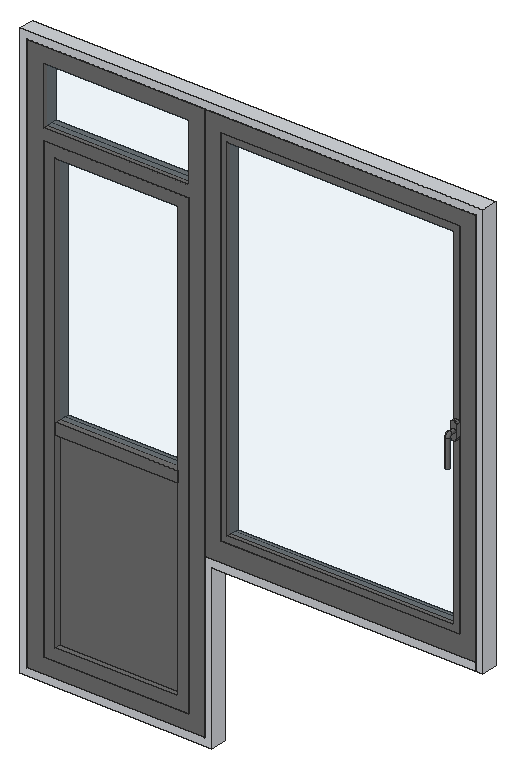
Revit family "AVLN_Балконный блок_Правый_Одностворчатый", category Окна, Revit 2021
Family settings
  Основа = Стена
  Номер OmniClass = 23.30.20.00
  Заголовок OmniClass = Windows
  Всегда вертикально = Да
  При загрузке вырезать с полостями = Нет
  Общий = Нет
  Точка принадлежности помещению = Нет
Parameters (values of type "Для копирования")
  Ширина среднействорки = 400 mm
  Ширина рамы = 70 mm
  Четверть окна снизу = 0 mm
  Фрамуга_Высота = Height - (Дверь_Высота + Монтажный зазор * 2 + Ширина рамы * 2 + Ширина импоста)  # 250 mm
  Толщина основы [instance] = 200 mm
  Отступ.доп.части_Н = Ширина окна + Ширина импоста  # 1080 mm
  Отступ.доп.части_В = Ширина окна + Ширина импоста + Монтажный зазор  # 1110 mm
  Открывание фрамуга = АВЛН_Створка открывная : Створка глухая
  Открывание окно = АВЛН_Створка открывная : Створка поворотная левая
  Ипост высота = 900 mm
  Ширина рамы двери = 50 mm
  Дверь_Ширина = Width - (Ширина окна + Монтажный зазор * 2 + Ширина рамы * 4)  # 630 mm
  Дверь.Открывание.Право = no
  Дверь.Открывание.Лево = not(Дверь.Открывание.Право)  # yes
  Откос_Н.Ширина = ADSK_Размер_Ширина - 2 * [Четверть слева/справа]  # 1900 mm
  Откос_Н.Толщина.8 = 32 mm
  Откос_Н.Толщина.7 = 28 mm
  Откос_Н.Толщина.6 = 24 mm
  Откос_Н.Толщина.5 = 20 mm
  Откос_Н.Толщина.4 = 16 mm
  Откос_Н.Толщина.3 = 12 mm
  Откос_Н.Толщина.2 = 8 mm
  Откос_Н.Толщина.1 = 4 mm
  Откос_Н.Отступ_П = ADSK_Размер_Высота - (Монтажный зазор + 2 * Ширина рамы + Высота окна)  # 750 mm
  Откос_Н.Отступ_Л = Монтажный зазор  # 30 mm
  Откос_Н.Отступ от уровня = Монтажный зазор  # 30 mm
  Откос_Н.Количество слоев = 0
  Откос_Н.Глубина = 150 mm  # constant formula
  Откос_Н.Высота = ADSK_Размер_Высота - Черверть верх  # 2450 mm
  Откос_В.Толщина.8 = 32 mm
  Откос_В.Толщина.7 = 28 mm
  Откос_В.Толщина.6 = 24 mm
  Откос_В.Толщина.5 = 20 mm
  Откос_В.Толщина.4 = 16 mm
  Откос_В.Толщина.3 = 12 mm
  Откос_В.Толщина.2 = 8 mm
  Откос_В.Толщина.1 = 4 mm
  Откос_В.Количество слоев = 0
  Откос_В.Глубина = 130 mm
  Откос.Отступ_П [instance] = ADSK_Размер_Высота - (Монтажный зазор + 2 * Ширина рамы + Высота окна)  # 750 mm
  Откос.Отступ_Л [instance] = 0 mm
  Дверь.Откидывание = yes
  М.Подоконник = none
  М.Откос_Н.8 = none
  М.Откос_Н.7 = none
  М.Откос_Н.6 = none
  М.Откос_Н.5 = none
  М.Откос_Н.4 = none
  М.Откос_Н.3 = none
  М.Откос_Н.2 = none
  М.Откос_Н.1 = Штукатурка наружных откосов
  М.Откос_В.8 = none
  М.Откос_В.7 = none
  М.Откос_В.6 = none
  М.Откос_В.5 = none
  М.Откос_В.4 = none
  М.Откос_В.3 = none
  М.Откос_В.2 = none
  М.Откос_В.1 = Штукатурка внутренних откосов
  Type Comments = ""
  Дверь_Высота = 2000 mm
  Дверь заполнение = АВЛН_Дверь балконная : Глухое заполнение снизу
  Высота установки ручки.Окно = 750 mm
  Высота установки ручки.Дверь = 1000 mm
  Высота окна = 1580 mm
  Ширина окна = 1030 mm
  Ширина импоста = 50 mm
  Четверть низ = 0 mm  # constant formula
  Четверть слева/справа = 50 mm
  Черверть верх = 50 mm
  Створка_толщина = 25 mm  # constant formula
  Rough Width = Width - Монтажный зазор * 2  # 1940 mm
  Rough Height = Height - Монтажный зазор * 2  # 2440 mm
  Подстановочный профиль_Ширина = 20 mm  # constant formula
  Подстановочный профиль_Толщина = 50 mm
  Подоконник_Толщина = 20 mm
  Подоконник_Длина = Ширина окна + Ширина рамы * 2 + Монтажный зазор  # 1200 mm
  Подоконник_Глубина = 190 mm
  Подоконник = no
  Глубина вставки = 0 mm
  Отлив_Толщина = 1 mm  # constant formula
  Отлив_Длина = (Ширина окна + Ширина рамы * 2 + Монтажный зазор) - [Четверть слева/справа]  # 1150 mm
  Отлив_Глубина = 200 mm
  Отлив = no
  Монтажный зазор = 30 mm
  М.Монтажного зазора = none
  М.Стекла = Стекло
  М.Рамы = AVLN_Материал импоста_RAL 7024
  М.Подоконный профиль = Рама
  Height = 2500 mm
  Высота подоконника по умолчанию = 0 mm
  Замыкание стены = По основе
  Width = 2000 mm
  Аналитическая конструкция = "<Нет>"
  АВЛН_Площаль откосов наружных = (ADSK_Размер_Высота * 2 + ADSK_Размер_Ширина) * 150 mm  # 1.05 m²
  АВЛН_Площаль откосов внутренних = (ADSK_Размер_Высота * 2 + ADSK_Размер_Ширина) * 180 mm  # 1.26 m²
  ADSK_Этаж [instance] = ""
  ADSK_Размер_Ширина = Width  # 2000 mm
  ADSK_Размер_Высота = Height  # 2500 mm
  ADSK_Примечание [instance] = ""
  ADSK_Площадь = ((Ширина окна + Ширина рамы * 2 + Монтажный зазор) * (Высота окна + Ширина рамы * 2 + Монтажный зазор * 2 + Подоконник_Толщина)) + ((Монтажный зазор + Дверь_Ширина + Ширина рамы * 2) * (Height))  # 4.16 m²
  ADSK_Обозначение = ""
  ADSK_Номер секции [instance] = ""
  ADSK_Наименование = ""
  ADSK_Марка = ""
  ADSK_Группирование = ""
  30/90 = yes
  -----------Разрезка----------- = "-----------"  # constant formula
  -----------Профили----------- = "-----------"  # constant formula
  -----------Подоконник----------- = "-----------"  # constant formula
  -----------Отлив----------- = "-----------"  # constant formula
  -----------Откос----------- = "-----------"  # constant formula
  -----------Основные габариты----------- = "-----------"  # constant formula
  -----------Вставка----------- = "-----------"  # constant formula
Reference planes
  plane 1 "По центру (Вперед/Назад)": y = 0
  plane 2 "По центру (Влево/Вправо)": x = 0
  plane 3 "Слева": x = -1000
  plane 4 "Справа": x = 1000
  plane 5 "Подоконник": z = 0
  plane 6 "Заголовок": z = 2500
  plane 7 "Наружный": y = 100
  plane 8 "Внутренние": y = -100
  plane 9 "Окно": y = 100
  plane 10: x = 970
  plane 11: z = 2470
  plane 12: x = -970
  plane 13: z = 30
  plane 14: x = 950
  plane 15: x = -950
  plane 16: z = 1100
  plane 17: y = 400
  plane 18: y = -400
  plane 19: z = 2450
  plane 20 "Чет. низ": z = 0
  plane 21 "Внутренняя граница": y = 30
  plane 22: z = 2400
  plane 23: z = 820
  plane 24: z = 750
  plane 25 "222": z = 730
  plane 26 "333": z = 700
  plane 27: x = 900
  plane 28: x = -220
  plane 29: z = 700
  plane 30: x = -270
  plane 31: x = -200
  plane 32: x = -170
  plane 33: x = -220
  plane 34 "334": x = -900
  plane 35: x = 385
  plane 36: z = 1610
  plane 37: x = -585
  plane 38: z = 2100
  plane 39: z = 100
  plane 40: z = 2150
  plane 41: z = 2275
  plane 42: x = -130
Forms (mm)
  Extrusion 1, void
    sketch origin (0, 100, 0) x (1, 0, 0) y (0, 0, 1)
      loop
        line (950, 2450) -> (-950, 2450) -> (-950, 0) -> (-220, 0) -> (-220, 700) -> (950, 700) -> (950, 2450)
    from -300 to 0
  Extrusion 2, void
    sketch origin (0, 100, 0) x (1, 0, 0) y (0, 0, 1)
      loop
        line (1000, 2500) -> (-1000, 2500) -> (-1000, 0) -> (-170, 0) -> (-170, 700) -> (1000, 700) -> (1000, 2500)
    from 0 to 500
  Extrusion 3, solid, material "AVLN_Материал импоста_RAL 7024" <- "М.Рамы", detail levels medium+fine
    sketch origin (0, 100, 0) x (1, 0, 0) y (0, 0, 1)
      loop
        line (-200, 30) -> (-200, 2470) -> (-970, 2470) -> (-970, 30) -> (-200, 30)
      loop
        line (-900, 100) -> (-270, 100) -> (-270, 2100) -> (-900, 2100) -> (-900, 100)
      loop
        line (-270, 2400) -> (-900, 2400) -> (-900, 2150) -> (-270, 2150) -> (-270, 2400)
    from 0 to 70
  Extrusion 4, solid, material <- "М.Монтажного зазора", detail levels medium+fine
    sketch origin (0, -100, 0) x (1, 0, 0) y (0, 0, 1)
      loop
        line (-1000, 0) -> (-170, 0) -> (-170, 700) -> (1000, 700) -> (1000, 2500) -> (-1000, 2500) -> (-1000, 0)
      loop
        line (970, 2470) -> (-970, 2470) -> (-970, 30) -> (-200, 30) -> (-200, 730) -> (970, 730) -> (970, 2470)
    from -200 to -130
  Extrusion 5, solid, material "AVLN_Материал импоста_RAL 7024" <- "М.Рамы", detail levels medium+fine
    sketch origin (0, -100, 0) x (1, 0, 0) y (0, 0, 1)
      loop
        line (970, 700) -> (970, 2470) -> (-200, 2470) -> (-200, 700) -> (970, 700)
      loop
        line (-130, 2400) -> (-130, 820) -> (900, 820) -> (900, 2400) -> (-130, 2400)
    from -200 to -130
Lines and regions (mm)
  reference lines
    curve 1: line (-1000, -100, 2125) -> (-220, -100, 2125)
    curve 2: line (-1000, -100, 820) -> (-220, -100, 820)
    curve 3: line (-1000, 400, 2125) -> (-220, 400, 2125)
Text (mm)
  text "EXTERIOR" at (-1963.203, 1332.353, 0), in view "Опорный уровень"
  text "INTERIOR" at (-1981.466, -818.386, 0), in view "Опорный уровень"
  text "Наружный" at (0, 923.751, 2943.296), in view "Справа"
  text "Наружный" at (0, 1240.237, 2685.409), in view "Слева"
Dimensions and locks
  equal spacing: plane 3 "Слева", plane 2 "По центру (Влево/Вправо)", plane 4 "Справа"
  "Width": plane 3 "Слева" to plane 4 "Справа"
  "Height": plane 5 "Подоконник" to plane 6 "Заголовок"
  "Высота подоконника по умолчанию": plane 5 "Подоконник" to level
  locked: plane 7 "Наружный" to host wall at 0
  locked: plane 8 "Внутренние" to host wall
  "Глубина вставки": plane 9 "Окно" to plane 7 "Наружный"
  "Монтажный зазор": plane 10 to plane 4 "Справа"
  "Монтажный зазор": plane 3 "Слева" to plane 12
  "Монтажный зазор": plane 11 to plane 6 "Заголовок"
  "Монтажный зазор": plane 5 "Подоконник" to plane 13
  "Четверть слева/справа": plane 14 to plane 4 "Справа"
  "Четверть слева/справа": plane 3 "Слева" to plane 15
  locked: plane 7 "Наружный" to plane 17 at 300
  locked: plane 18 to plane 8 "Внутренние" at 300
  "Черверть верх": plane 19 to plane 6 "Заголовок"
  "Четверть низ": plane 5 "Подоконник" to plane 20 "Чет. низ"
  "Ширина рамы": plane 9 "Окно" to plane 21 "Внутренняя граница"
  "Ширина рамы": plane 22 to plane 11
  "Монтажный зазор": plane 26 "333" to plane 25 "222"
  "Подоконник_Толщина": plane 25 "222" to plane 24
  "Ширина рамы": plane 24 to plane 23
  "Высота окна": plane 23 to plane 22
  "Ширина рамы": plane 27 to plane 10
  "Четверть окна снизу": plane 26 "333" to plane 29
  "Ширина импоста": plane 30 to plane 28
  "Монтажный зазор": plane 31 to plane 32
  "Ширина рамы": plane 30 to plane 31
  "Четверть слева/справа": plane 33 to plane 32
  "Толщина основы": host wall to host wall
  "Ширина рамы": plane 12 to plane 34 "334"
  equal spacing: plane 42, plane 35, plane 27
  equal spacing: plane 22, plane 36, plane 23
  equal spacing: plane 34 "334", plane 37, plane 30
  equal spacing: plane 38, plane 16, plane 39
  "Ширина рамы": plane 39 to plane 13
  "Ширина импоста": plane 40 to plane 38
  equal spacing: plane 40, curve 1, plane 38
  equal spacing: plane 22, plane 41, plane 40
  "Ширина окна": plane 42 to plane 27
  "Дверь_Высота": plane 38 to plane 39
  "Ширина рамы": plane 31 to plane 42
  equal spacing: plane 38, curve 3, plane 40
  aligned and locked: Extrusion 1 sketch curve to plane 14
  aligned and locked: plane 15 to Extrusion 1 sketch curve
  aligned and locked: Extrusion 1 to plane 9 "Окно"
  aligned and locked: plane 17 to Extrusion 1
  aligned and locked: Extrusion 2 sketch curve to plane 6 "Заголовок"
  aligned and locked: Extrusion 2 sketch curve to plane 4 "Справа"
  aligned and locked: plane 5 "Подоконник" to Extrusion 2 sketch curve
  aligned and locked: plane 3 "Слева" to Extrusion 2 sketch curve
  aligned and locked: plane 9 "Окно" to Extrusion 2
  aligned and locked: Extrusion 2 to plane 18
  aligned and locked: Extrusion 1 sketch curve to plane 19
  aligned and locked: plane 20 "Чет. низ" to Extrusion 1 sketch curve
  aligned and locked: nested 1 to plane 21 "Внутренняя граница"
  aligned and locked: plane 29 to Extrusion 1 sketch curve
  aligned and locked: plane 26 "333" to Extrusion 2 sketch curve
  aligned and locked: nested 1 to plane 4 "Справа"
  aligned and locked: Extrusion 1 sketch curve to plane 33
  aligned and locked: nested 2 to plane 2 "По центру (Влево/Вправо)"
  aligned and locked: plane 8 "Внутренние" to nested 2
  aligned and locked: nested 3 to plane 9 "Окно"
  aligned and locked: nested 3 to plane 2 "По центру (Влево/Вправо)"
  aligned and locked: plane 32 to Extrusion 2 sketch curve
  aligned and locked: Extrusion 3 sketch curve to plane 31
  aligned and locked: Extrusion 3 sketch curve to plane 13
  aligned and locked: Extrusion 3 sketch curve to plane 12
  aligned and locked: Extrusion 3 sketch curve to plane 11
  aligned and locked: Extrusion 3 sketch curve to plane 30
  aligned and locked: plane 9 "Окно" to Extrusion 3
  aligned and locked: Extrusion 3 to nested 1
  aligned and locked: plane 3 "Слева" to Extrusion 4 sketch curve
  aligned and locked: Extrusion 4 sketch curve to plane 20 "Чет. низ"
  aligned and locked: Extrusion 4 sketch curve to plane 32
  aligned and locked: Extrusion 4 sketch curve to plane 26 "333"
  aligned and locked: Extrusion 4 sketch curve to plane 4 "Справа"
  aligned and locked: Extrusion 4 sketch curve to plane 6 "Заголовок"
  aligned and locked: plane 11 to Extrusion 4 sketch curve
  aligned and locked: plane 12 to Extrusion 4 sketch curve
  aligned and locked: Extrusion 4 sketch curve to plane 13
  aligned and locked: Extrusion 4 sketch curve to plane 31
  aligned and locked: Extrusion 4 sketch curve to plane 25 "222"
  aligned and locked: Extrusion 4 sketch curve to plane 10
  aligned and locked: Extrusion 3 to plane 34 "334"
  aligned and locked: plane 39 to Extrusion 3
  aligned and locked: plane 3 "Слева" to curve 1
  aligned and locked: plane 28 to curve 1
  aligned and locked: nested 4 to plane 37
  aligned and locked: nested 4 to plane 16
  aligned and locked: plane 9 "Окно" to Extrusion 4
  aligned and locked: Extrusion 4 to plane 21 "Внутренняя граница"
  aligned and locked: nested 5 to plane 21 "Внутренняя граница"
  aligned and locked: plane 21 "Внутренняя граница" to nested 6
  aligned and locked: plane 12 to nested 6
  aligned and locked: plane 33 to nested 5
  aligned and locked: Extrusion 5 sketch curve to plane 11
  aligned and locked: Extrusion 5 sketch curve to plane 31
  aligned and locked: plane 29 to Extrusion 5 sketch curve
  aligned and locked: plane 10 to Extrusion 5 sketch curve
  aligned and locked: plane 23 to Extrusion 5 sketch curve
  aligned and locked: plane 27 to Extrusion 5 sketch curve
  aligned and locked: Extrusion 5 sketch curve to plane 22
  aligned and locked: Extrusion 5 sketch curve to plane 42
  aligned and locked: Extrusion 5 to plane 21 "Внутренняя граница"
  aligned and locked: plane 9 "Окно" to Extrusion 5
  aligned and locked: plane 37 to nested 7
  aligned and locked: plane 41 to nested 7
  aligned and locked: plane 36 to nested 8
  aligned and locked: nested 8 to plane 35
  aligned and locked: curve 2 to plane 23
  aligned and locked: plane 29 to nested 9
  aligned and locked: plane 14 to nested 9
Automatic sketch dimensions
  plane 3 "Слева" to curve 2 = 0 mm
  plane 28 to curve 2 = 0 mm
  plane 34 "334" to Extrusion 3 sketch curve = 0 mm  (x2)
  Extrusion 3 sketch curve to plane 22 = 0 mm
  Extrusion 3 sketch curve to plane 30 = 0 mm
  Extrusion 3 sketch curve to plane 39 = 0 mm
  Extrusion 3 sketch curve to plane 38 = 0 mm
  Extrusion 3 sketch curve to plane 40 = 0 mm
  plane 3 "Слева" to curve 3 = 0 mm
  plane 28 to curve 3 = 0 mm
Nested families
  nested 1: "Подоконник" at (400, 30, 700), Глубина подоконника <- "Подоконник_Глубина", Длина отлива <- "Подоконник_Длина", ТП <- "Подоконник_Толщина", Ш_МЗЗ <- "Монтажный зазор", Ш_ПП <- "Подстановочный профиль_Ширина", ADSK_Группирование <- "ADSK_Группирование", ADSK_Номер секции <- "ADSK_Номер секции", ADSK_Этаж <- "ADSK_Этаж", visible <- "Подоконник", М <- "М.Подоконник", type "Подоконник"
    with Ш_ПП 20 mm, Ш_МЗЗ 30 mm, ТП 20 mm, М none, Длина отлива 1200 mm, Глубина подоконника 190 mm, ADSK_Этаж "", ADSK_Примечание "", ADSK_Обозначение "", ADSK_Номер секции "", ADSK_Наименование "", ADSK_Марка "", ADSK_Группирование ""
  nested 2: "AVLN_Откосы_R19" at (0, -100, 0) x (-1, 0, 0) z (0, 0, 1), Ширина <- "ADSK_Размер_Ширина", Глубина <- "Откос_В.Глубина", Высота <- "ADSK_Размер_Высота", Высота от уровня <- "Высота подоконника по умолчанию", ADSK_Группирование <- "Type Comments", ADSK_Этаж <- "ADSK_Этаж", ADSK_Номер секции <- "ADSK_Номер секции", Материал_1 <- "М.Откос_В.1", Материал_2 <- "М.Откос_В.2", Материал_3 <- "М.Откос_В.3", Материал_4 <- "М.Откос_В.4", Материал_5 <- "М.Откос_В.5", Материал_6 <- "М.Откос_В.6", Материал_7 <- "М.Откос_В.7", Материал_8 <- "М.Откос_В.8", Толщина_1 <- "Откос_В.Толщина.1", Толщина_2 <- "Откос_В.Толщина.2", Толщина_3 <- "Откос_В.Толщина.3", Толщина_4 <- "Откос_В.Толщина.4", Толщина_5 <- "Откос_В.Толщина.5", Толщина_6 <- "Откос_В.Толщина.6", Толщина_7 <- "Откос_В.Толщина.7", Толщина_8 <- "Откос_В.Толщина.8", Количество слоев <- "Откос_В.Количество слоев", Отступ_Л <- "Откос.Отступ_П", Отступ_П <- "Откос.Отступ_Л", Отступ.доп.части <- "Отступ.доп.части_В", type "AVLN_Откосы_R19"
    with Ширина_8 1776 mm, Ширина_7 1832 mm, Ширина_6 1880 mm, Ширина_5 1920 mm, Ширина_4 1952 mm, Ширина_3 1976 mm, Ширина_2 1992 mm, Ширина 2000 mm, Толщина_8 32 mm, Толщина_7 28 mm, Толщина_6 24 mm, Толщина_5 20 mm, Толщина_4 16 mm, Толщина_3 12 mm, Толщина_2 8 mm, Толщина_1 4 mm, Отступ_П 0 mm, Отступ_Л 750 mm, Отступ.доп.части 1110 mm, Материал_8 none, Материал_7 none, Материал_6 none, Материал_5 none, Материал_4 none, Материал_3 none, Материал_2 none, Материал_1 Штукатурка внутренних откосов, Количество слоев 0, Глубина 130 mm, Высота_8 2388 mm, Высота_7 2416 mm, Высота_6 2440 mm, Высота_5 2460 mm, Высота_4 2476 mm, Высота_3 2488 mm, Высота_2 2496 mm, Высота.доп.части 0 mm, Высота от уровня 0 mm, Высота 2500 mm, Видимость_8 no, Видимость_7 no, Видимость_6 no, Видимость_5 no, Видимость_4 no, Видимость_3 no, Видимость_2 no, Видимость_1 no, Видимость.доп.части yes, ВД.8 no, ВД.7 no, ВД.6 no, ВД.5 no, ВД.4 no, ВД.3 no, ВД.2 no, ВД.1 no, ADSK_Этаж "", ADSK_Номер секции "", ADSK_Группирование ""
  nested 3: "AVLN_Откосы_R19" at (0, 100, 0) x (-1, 0, 0) z (0, 0, 1), Ширина <- "Откос_Н.Ширина", Глубина <- "Откос_Н.Глубина", Высота <- "Откос_Н.Высота", Высота от уровня <- "Откос_Н.Отступ от уровня", ADSK_Группирование <- "Type Comments", ADSK_Этаж <- "ADSK_Этаж", ADSK_Номер секции <- "ADSK_Номер секции", Материал_1 <- "М.Откос_Н.1", Материал_2 <- "М.Откос_Н.2", Материал_3 <- "М.Откос_Н.3", Материал_4 <- "М.Откос_Н.4", Материал_5 <- "М.Откос_Н.5", Материал_6 <- "М.Откос_Н.6", Материал_7 <- "М.Откос_Н.7", Материал_8 <- "М.Откос_Н.8", Толщина_1 <- "Откос_Н.Толщина.1", Толщина_2 <- "Откос_Н.Толщина.2", Толщина_3 <- "Откос_Н.Толщина.3", Толщина_4 <- "Откос_Н.Толщина.4", Толщина_5 <- "Откос_Н.Толщина.5", Толщина_6 <- "Откос_Н.Толщина.6", Толщина_7 <- "Откос_Н.Толщина.7", Толщина_8 <- "Откос_Н.Толщина.8", Количество слоев <- "Откос_Н.Количество слоев", Отступ_Л <- "Откос_Н.Отступ_П", Отступ_П <- "Откос_Н.Отступ_Л", Отступ.доп.части <- "Отступ.доп.части_Н", type "AVLN_Откосы_R19"
    with Ширина_8 1676 mm, Ширина_7 1732 mm, Ширина_6 1780 mm, Ширина_5 1820 mm, Ширина_4 1852 mm, Ширина_3 1876 mm, Ширина_2 1892 mm, Ширина 1900 mm, Толщина_8 32 mm, Толщина_7 28 mm, Толщина_6 24 mm, Толщина_5 20 mm, Толщина_4 16 mm, Толщина_3 12 mm, Толщина_2 8 mm, Толщина_1 4 mm, Отступ_П 30 mm, Отступ_Л 750 mm, Отступ.доп.части 1080 mm, Материал_8 none, Материал_7 none, Материал_6 none, Материал_5 none, Материал_4 none, Материал_3 none, Материал_2 none, Материал_1 Штукатурка наружных откосов, Количество слоев 0, Глубина 150 mm, Высота_8 2338 mm, Высота_7 2366 mm, Высота_6 2390 mm, Высота_5 2410 mm, Высота_4 2426 mm, Высота_3 2438 mm, Высота_2 2446 mm, Высота.доп.части 0 mm, Высота от уровня 30 mm, Высота 2450 mm, Видимость_8 no, Видимость_7 no, Видимость_6 no, Видимость_5 no, Видимость_4 no, Видимость_3 no, Видимость_2 no, Видимость_1 no, Видимость.доп.части yes, ВД.8 no, ВД.7 no, ВД.6 no, ВД.5 no, ВД.4 no, ВД.3 no, ВД.2 no, ВД.1 no, ADSK_Этаж "", ADSK_Номер секции "", ADSK_Группирование ""
  nested 4: "АВЛН_Дверь балконная" at (-585, 100, 1100) x (1, 0, 0) z (0, -1, 0), Дверь высота <- "Дверь_Высота", Дверь ширина <- "Дверь_Ширина", Ручка высота <- "Высота установки ручки.Дверь", Импост высота <- "Ипост высота", Импост ширина <- "Ширина импоста", Корбка толщина <- "Ширина рамы двери", type <- "Дверь заполнение", Правая <- "Дверь.Открывание.Право", Левая <- "Дверь.Открывание.Лево", Откидная <- "Дверь.Откидывание", М.ПП <- "М.Рамы", М.Р <- "М.Рамы", М.С <- "М.Стекла", type "Глухое заполнение снизу", detail levels medium+fine
    with Ручка высота 1000 mm, Правая no, Откидная yes, М.С Стекло, М.Р AVLN_Материал импоста_RAL 7024, М.ПП AVLN_Материал импоста_RAL 7024, Левая yes, Корбка толщина 50 mm, Импост ширина 50 mm, Импост высота 900 mm, Дверь ширина 630 mm, Дверь высота 2000 mm, Width 630 mm, Height 2000 mm
  nested 5: "АС-Обозначение на плане двупольная" at (-220, 30, 0), Коробка.Толщина <- "Ширина рамы", Коробка.Ширина <- "Ширина импоста", Rough Width <- "Дверь_Ширина", Height <- "ADSK_Размер_Высота", visible <- "Дверь.Открывание.Право", type "АС-Стандарт", detail levels medium+fine
    with Width 681 mm, built-in parameter 1001302 50 mm, Rough Width 630 mm, Монтажный зазор.Ширина сбоку 1 mm, Коробка.Ширина 50 mm, Коробка.Толщина 70 mm, Height 2500 mm
  nested 6: "АС-Обозначение на плане двупольная" at (-970, 30, 0) x (-1, 0, 0) z (0, 0, 1), Коробка.Толщина <- "Ширина рамы", Коробка.Ширина <- "Ширина импоста", Rough Width <- "Дверь_Ширина", Height <- "ADSK_Размер_Высота", visible <- "Дверь.Открывание.Лево", type "АС-Стандарт", detail levels medium+fine
    with Width 681 mm, built-in parameter 1001302 50 mm, Rough Width 630 mm, Монтажный зазор.Ширина сбоку 1 mm, Коробка.Ширина 50 mm, Коробка.Толщина 70 mm, Height 2500 mm
  nested 7: "АВЛН_Створка открывная" at (-585, 30, 2275) x (1, 0, 0) z (0, 1, 0), Створка высота <- "Фрамуга_Высота", Створка ширина <- "Дверь_Ширина", Ширина рамы <- "Створка_толщина", type <- "Открывание фрамуга", Материал_Рама <- "М.Рамы", Материал_Стеклопакет <- "М.Стекла", Материал_Ручки <- "М.Рамы", type "Створка глухая", detail levels medium+fine
    with Ширина рамы 25 mm, Створка ширина 630 mm, Створка высота 250 mm, Материал_Стеклопакет Стекло, Материал_Ручки AVLN_Материал импоста_RAL 7024, Материал_Рама AVLN_Материал импоста_RAL 7024
  nested 8: "АВЛН_Створка открывная" at (385, 30, 1610) x (1, 0, 0) z (0, 1, 0), Створка высота <- "Высота окна", Створка ширина <- "Ширина окна", Ширина рамы <- "Створка_толщина", type <- "Открывание окно", Материал_Рама <- "М.Рамы", Материал_Ручки <- "М.Рамы", Материал_Стеклопакет <- "М.Стекла", type "Створка поворотная левая", detail levels medium+fine
    with Ширина рамы 25 mm, Створка ширина 1030 mm, Створка высота 1580 mm, Материал_Стеклопакет Стекло, Материал_Ручки AVLN_Материал импоста_RAL 7024, Материал_Рама AVLN_Материал импоста_RAL 7024
  nested 9: "Отлив" at (375, 100, 670) x (-1, 0, 0) z (0, 0, 1), Длина отлива <- "Отлив_Длина", Глубина отлива <- "Отлив_Глубина", ТО <- "Отлив_Толщина", Ш_МЗЗ <- "Монтажный зазор", Ш_ПП <- "Подстановочный профиль_Толщина", visible <- "Отлив", type "Отлив"
    with Ш_ПП 50 mm, Ш_МЗЗ 30 mm, ТО 1 mm, М none, Длина отлива 1150 mm, Глубина отлива 200 mm, ADSK_Этаж "", ADSK_Примечание "", ADSK_Обозначение "", ADSK_Номер секции "", ADSK_Наименование "", ADSK_Марка "", ADSK_Группирование ""
Definition of nested family "Подоконник"
  Parameters (values of type "Подоконник")
    Ш_ПП [instance] = 50 mm
    Ш_МЗЗ [instance] = 35 mm
    ТП [instance] = 20 mm
    Default Elevation = 1219.2 mm
    М [instance] = none
    Длина отлива [instance] = 1560 mm
    Глубина подоконника [instance] = 280 mm
    ADSK_Этаж [instance] = ""
    ADSK_Примечание [instance] = ""
    ADSK_Обозначение [instance] = ""
    ADSK_Номер секции [instance] = ""
    ADSK_Наименование [instance] = ""
    ADSK_Марка [instance] = ""
    ADSK_Группирование [instance] = ""
  Reference planes
    plane 1 "По центру (Вперед/Назад)": y = 0
    plane 2: z = 0
    plane 3 "По центру (Влево/Вправо)": x = 0
    plane 4: y = -280
    plane 5: x = -780
    plane 6: x = 780
    plane 7: z = 35
    plane 8: z = 85
    plane 9: y = -20
    plane 10: y = -290
    plane 11: y = -310
    plane 12: z = -35
    plane 13: z = 15
    plane 14: z = 65
  Forms (mm)
    Extrusion 1, solid, material <- "М"
      sketch origin (0, 0, 0) x (0, 1, 0) y (0, 0, 1)
        loop
          line (0, 85) -> (-310, 85) -> (-310, 0) -> (-290, 0) -> (-290, 65) -> (0, 65) -> (0, 85)
      from -780 to 780
  Dimensions and locks
    equal spacing: plane 5, plane 3 "По центру (Влево/Вправо)", plane 6
    "Длина отлива": plane 5 to plane 6
    "Глубина подоконника": plane 4 to plane 1 "По центру (Вперед/Назад)"
    "Ш_МЗЗ": plane 7 to level
    "Ш_ПП": plane 8 to plane 7
    "ТП": plane 1 "По центру (Вперед/Назад)" to plane 9
    "ТП": plane 10 to plane 11
    locked: level to plane 12 at 35
    "ТП": plane 7 to plane 13
    locked: plane 4 to plane 10 at 10
    "ТП": plane 8 to plane 14
    aligned and locked: level to plane 2
    aligned and locked: plane 8 to Extrusion 1 sketch curve
    aligned and locked: plane 1 "По центру (Вперед/Назад)" to Extrusion 1 sketch curve
    aligned and locked: plane 10 to Extrusion 1 sketch curve
    aligned and locked: plane 11 to Extrusion 1 sketch curve
    aligned and locked: level to Extrusion 1 sketch curve
    aligned and locked: plane 14 to Extrusion 1 sketch curve
    aligned and locked: Extrusion 1 to plane 5
    aligned and locked: plane 6 to Extrusion 1
Definition of nested family "АВЛН_Дверь балконная"
  Parameters (values of type "Остекленная")
    Width = 740 mm
    Стекло заполнение сверху = no
    Стекло сплошное заполнение = yes
    Ручка высота [instance] = 985 mm
    Правая [instance] = no
    Default Elevation = 0 mm
    Откидная [instance] = no
    Define Thermal Properties by = 1
    М.С [instance] = none
    М.Р [instance] = none
    М.ПП [instance] = none
    Левая [instance] = no
    Корбка толщина [instance] = 25 mm
    Импост ширина [instance] = 50 mm
    Импост высота [instance] = 1050 mm
    Импост = no
    Дверь ширина [instance] = 1050 mm
    Дверь высота [instance] = 2100 mm
    Глухое заполнение снизу = no
    Height = 2100 mm
    Analytic Construction = "<Нет>"
  Types (3, lengths in mm): name | Стекло заполнение сверху | Стекло сплошное заполнение | Импост | Глухое заполнение снизу
    Глухое заполнение снизу | yes | no | yes | yes
    Остекленная с импостом | no | yes | yes | no
    Остекленная | no | yes | no | no
  Reference planes
    plane 1 "По центру (Вперед/Назад)": y = 0
    plane 2: z = 0
    plane 3 "По центру (Влево/Вправо)": x = 0
    plane 4: y = 1050
    plane 5 "Основание двери": y = -1050
    plane 6: x = 525
    plane 7: x = -525
    plane 8: y = 0
    plane 9: y = 25
    plane 10: y = -25
    plane 11: x = 500
    plane 12: y = -1025
    plane 13: x = -500
    plane 14: y = 1025
    plane 15: z = 70
    plane 16: y = -65
  Forms (mm)
    Extrusion 1, solid
      sketch origin (0, 0, 0) x (1, 0, 0) y (0, 1, 0)
        loop
          line (-1970, 1440) -> (-1970, -1672.46) -> (1957.193, -1672.46) -> (1957.193, 1440) -> (-1970, 1440)
      from 0 to -304.8
    Extrusion 2, solid, material <- "М.Р", visible <- "Импост", detail levels medium+fine
      sketch origin (-467.888, -159.945, 0) x (1, 0, 0) y (0, 1, 0)
        loop
          line (-32.112, 184.945) -> (-32.112, 134.945) -> (967.888, 134.945) -> (967.888, 184.945) -> (-32.112, 184.945)
      from 0 to 70
    Extrusion 3, solid, material <- "М.Р", detail levels medium+fine
      sketch origin (-467.888, -61.043, 0) x (1, 0, 0) y (0, 1, 0)
        loop
          line (-57.112, -988.957) -> (992.888, -988.957) -> (992.888, 1111.043) -> (-57.112, 1111.043) -> (-57.112, -988.957)
        loop
          line (-32.112, 1086.043) -> (-32.112, -963.957) -> (967.888, -963.957) -> (967.888, 1086.043) -> (-32.112, 1086.043)
      from 0 to 70
    Extrusion 4, solid, material <- "М.С", visible <- "Стекло заполнение сверху", detail levels medium+fine
      sketch origin (1132.112, 87.618, 0) x (1, 0, 0) y (0, 1, 0)
        loop
          line (-1632.112, 937.382) -> (-1632.112, -62.618) -> (-632.112, -62.618) -> (-632.112, 937.382) -> (-1632.112, 937.382)
      from 20 to 45
    Extrusion 5, solid, material <- "М.Р", visible <- "Глухое заполнение снизу", detail levels medium+fine
      sketch origin (-489.421, 311.882, 0) x (1, 0, 0) y (0, 1, 0)
        loop
          line (-10.579, -336.882) -> (-10.579, -1336.882) -> (989.421, -1336.882) -> (989.421, -336.882) -> (-10.579, -336.882)
      from 20 to 45
    Extrusion 6, solid, material <- "М.С", visible <- "Стекло сплошное заполнение", detail levels medium+fine
      sketch origin (932.112, 7.618, 0) x (1, 0, 0) y (0, 1, 0)
        loop
          line (-1432.112, 1017.382) -> (-1432.112, -1032.618) -> (-432.112, -1032.618) -> (-432.112, 1017.382) -> (-1432.112, 1017.382)
      from 20 to 45
  Lines and regions (mm)
    model lines, visible <- "Правая", detail levels medium+fine
      curve 1: line (500, 1025, 45) -> (-500, 0, 45)
      curve 2: line (500, -1025, 45) -> (-500, 0, 45)
      curve 9: line (500, 1025, 20) -> (-500, 0, 20)
      curve 10: line (500, -1025, 20) -> (-500, 0, 20)
    model lines, visible <- "Откидная", detail levels medium+fine
      curve 3: line (-500, -1025, 45) -> (0, 1025, 45)
      curve 4: line (0, 1025, 45) -> (500, -1025, 45)
      curve 11: line (-500, -1025, 20) -> (0, 1025, 20)
      curve 12: line (0, 1025, 20) -> (500, -1025, 20)
    model lines, visible <- "Левая", detail levels medium+fine
      curve 5: line (-500, 1025, 45) -> (500, 0, 45)
      curve 6: line (-500, -1025, 45) -> (500, 0, 45)
      curve 7: line (-500, 1025, 20) -> (500, 0, 20)
      curve 8: line (-500, -1025, 20) -> (500, 0, 20)
    symbolic lines, not visible, detail levels medium+fine
      curve 13: line (873.016, 510.662, 0) -> (1073.016, 510.662, 0)
      curve 14: line (973.016, 410.662, 0) -> (973.016, 610.662, 0)
      curve 15: line (2093.378, 460, 0) -> (2293.378, 460, 0)
      curve 16: line (2193.378, 360, 0) -> (2193.378, 560, 0)
      curve 17: line (-767.079, 635.2, 0) -> (-567.079, 635.2, 0)
      curve 18: line (-667.079, 535.2, 0) -> (-667.079, 735.2, 0)
  Dimensions and locks
    equal spacing: plane 7, plane 3 "По центру (Влево/Вправо)", plane 6
    equal spacing: plane 5 "Основание двери", plane 1 "По центру (Вперед/Назад)", plane 4
    "Дверь высота": plane 4 to plane 5 "Основание двери"
    "Дверь ширина": plane 7 to plane 6
    "Импост высота": plane 8 to plane 5 "Основание двери"
    equal spacing: plane 9, plane 8, plane 10
    "Импост ширина": plane 9 to plane 10
    "Корбка толщина": plane 4 to plane 14
    "Корбка толщина": plane 12 to plane 5 "Основание двери"
    "Корбка толщина": plane 11 to plane 6
    "Корбка толщина": plane 7 to plane 13
    Extrusion 6 to plane 15 = 25 mm
    locked: Extrusion 4 to plane 15 at 25
    plane 11 to plane 6 = 25 mm
    plane 7 to plane 13 = 25 mm
    "Ручка высота": plane 16 to plane 5 "Основание двери"
    aligned and locked: Extrusion 1 to plane 2
    aligned and locked: Extrusion 1 to level
    aligned and locked: plane 9 to Extrusion 2
    aligned and locked: Extrusion 2 to plane 10
    aligned and locked: plane 4 to Extrusion 3
    aligned and locked: Extrusion 3 to plane 14
    aligned and locked: plane 6 to Extrusion 3
    aligned and locked: Extrusion 3 to plane 11
    aligned and locked: Extrusion 3 to plane 5 "Основание двери"
    aligned and locked: plane 12 to Extrusion 3
    aligned and locked: Extrusion 3 to plane 7
    aligned and locked: plane 13 to Extrusion 3
    aligned and locked: plane 11 to Extrusion 2
    aligned and locked: Extrusion 2 to plane 13
    aligned and locked: plane 14 to Extrusion 6
    aligned and locked: Extrusion 6 to plane 13
    aligned and locked: Extrusion 6 to plane 12
    aligned and locked: plane 11 to Extrusion 6
    aligned and locked: plane 14 to Extrusion 4
    aligned and locked: Extrusion 4 to plane 13
    aligned and locked: plane 11 to Extrusion 4
    aligned and locked: Extrusion 4 to plane 9
    aligned and locked: plane 13 to curve 5
    aligned and locked: plane 14 to curve 5
    aligned and locked: plane 14 to curve 7
    aligned and locked: plane 13 to curve 7
    aligned and locked: plane 11 to curve 5
    aligned and locked: plane 1 "По центру (Вперед/Назад)" to curve 5
    aligned and locked: plane 11 to curve 7
    aligned and locked: plane 1 "По центру (Вперед/Назад)" to curve 7
    aligned and locked: Extrusion 3 to Extrusion 2
    aligned and locked: Extrusion 2 to level
    aligned and locked: Extrusion 3 to level
    aligned and locked: Extrusion 3 sketch curve to plane 11
    aligned and locked: Extrusion 3 sketch curve to plane 6
    aligned and locked: plane 7 to Extrusion 3 sketch curve
    aligned and locked: Extrusion 3 sketch curve to plane 13
    aligned and locked: Extrusion 3 sketch curve to plane 5 "Основание двери"
    aligned and locked: Extrusion 3 sketch curve to plane 12
    aligned and locked: Extrusion 3 sketch curve to plane 4
    aligned and locked: Extrusion 3 sketch curve to plane 14
    aligned and locked: Extrusion 4 sketch curve to plane 13
    aligned and locked: Extrusion 4 sketch curve to plane 14
    aligned and locked: Extrusion 4 sketch curve to plane 11
    aligned and locked: Extrusion 4 sketch curve to plane 9
    aligned and locked: Extrusion 6 sketch curve to plane 14
    aligned and locked: Extrusion 6 sketch curve to plane 12
    aligned and locked: Extrusion 6 sketch curve to plane 11
    aligned and locked: Extrusion 6 sketch curve to plane 13
    aligned and locked: Extrusion 2 sketch curve to plane 11
    aligned and locked: Extrusion 2 sketch curve to plane 13
    aligned and locked: Extrusion 2 sketch curve to plane 9
    aligned and locked: Extrusion 2 sketch curve to plane 10
    aligned and locked: Extrusion 5 sketch curve to plane 11
    aligned and locked: Extrusion 5 sketch curve to plane 10
    aligned and locked: Extrusion 5 sketch curve to plane 13
    aligned and locked: Extrusion 5 sketch curve to plane 12
  Automatic sketch dimensions
    Extrusion 1 sketch curve to Extrusion 1 sketch curve = 3927.193 mm
    Extrusion 1 sketch curve to Extrusion 1 sketch curve = 3112.46 mm
    curve 1 to plane 11 = 0 mm
    curve 2 to plane 11 = 0 mm
    curve 4 to plane 3 "По центру (Влево/Вправо)" = 0 mm
    plane 1 "По центру (Вперед/Назад)" to curve 1 = 0 mm
    curve 1 to plane 13 = 0 mm
    curve 6 to plane 12 = 0 mm
    curve 6 to plane 13 = 0 mm
    curve 1 to plane 14 = 0 mm
    curve 4 to plane 14 = 0 mm
    curve 4 to plane 12 = 0 mm
    curve 10 to plane 11 = 0 mm
    curve 9 to plane 11 = 0 mm
    curve 11 to plane 3 "По центру (Влево/Вправо)" = 0 mm
    curve 11 to plane 12 = 0 mm
    curve 11 to plane 13 = 0 mm
    plane 1 "По центру (Вперед/Назад)" to curve 10 = 0 mm
    curve 10 to plane 13 = 0 mm
    curve 11 to plane 14 = 0 mm
    curve 9 to plane 14 = 0 mm
    curve 10 to plane 12 = 0 mm
Definition of nested family "АВЛН_Створка открывная"
  Parameters (values of type "Створка повороно-откидная правая")
    Ширина рамы [instance] = 50 mm
    Width = 600 mm
    Створка ширина [instance] = 800 mm
    Створка высота [instance] = 700 mm
    Материал_Стеклопакет [instance] = none
    Поворотная Правая = yes
    Поворотная Левая = no
    Default Elevation = 1219.2 mm
    Открываная = yes
    Откидная = yes
    Материал_Ручки [instance] = none
    Материал_Рама [instance] = none
    Левая = yes
    Глухое = no
    Height = 1150 mm
    Analytic Construction = "<Нет>"
  Types (6, lengths in mm): name | Width | Поворотная Правая | Поворотная Левая | Открываная | Откидная | Глухое | Height
    Створка повороно-откидная правая | 600 | yes | no | yes | yes | no | 1150
    Створка повороно-откидная левая | 600 | no | yes | yes | yes | no | 1150
    Створка глухая | 600 | no | no | no | no | yes | 1150
    Створка откидная | 1300 | no | no | yes | yes | no | 1700
    Створка поворотная правая | 600 | yes | no | yes | no | no | 1150
    Створка поворотная левая | 600 | no | yes | yes | no | no | 1150
  Reference planes
    plane 1 "По центру (Вперед/Назад)": y = 0
    plane 2 "Внутрення грань": z = 0
    plane 3 "По центру (Влево/Вправо)": x = 0
    plane 4: y = 350
    plane 5: x = 400
    plane 6: y = -350
    plane 7: x = -400
    plane 8 "Наружняя грань": z = 60.433
    plane 9 "По центру Л/Р": z = 30.216
  Forms (mm)
    Extrusion 1, solid
      sketch origin (0, 0, 0) x (1, 0, 0) y (0, 1, 0)
        loop
          line (-1219.2, 1219.2) -> (-1219.2, -1219.2) -> (1219.2, -1219.2) -> (1219.2, 1219.2) -> (-1219.2, 1219.2)
      from 0 to -304.8
    Sweep 2, solid, material <- "Материал_Рама", visible <- "Открываная"
      path origin (0, 0, 0) x (1, 0, 0) y (0, 1, 0)
        loop
          line (400, 350) -> (-400, 350) -> (-400, -350) -> (400, -350) -> (400, 350)
      profile origin (0, 350, 0) x (0, -1, 0) y (0, 0, 1)
        loop
          line (0, 0) -> (50, 0) -> (50, 60.433) -> (0, 60.433) -> (0, 0)
    Extrusion 3, solid, material <- "Материал_Стеклопакет", visible <- "Открываная"
      sketch origin (0, 0, 0) x (1, 0, 0) y (0, 1, 0)
        loop
          line (-350, 300) -> (-350, -300) -> (350, -300) -> (350, 300) -> (-350, 300)
      from 17.481 to 42.952
    Extrusion 4, solid, material <- "Материал_Стеклопакет", visible <- "Глухое"
      sketch origin (0, 0, 0) x (1, 0, 0) y (0, 1, 0)
        loop
          line (-400, 350) -> (-400, -350) -> (400, -350) -> (400, 350) -> (-400, 350)
      from 17.481 to 42.952
  Lines and regions (mm)
    model lines, visible <- "Глухое", detail levels medium+fine
      curve 1: line (0, 50, 60.433) -> (0, -50, 60.433)
      curve 2: line (50, 0, 60.433) -> (-50, 0, 60.433)
      curve 17: line (0, 50, 0) -> (0, -50, 0)
      curve 18: line (50, 0, 0) -> (-50, 0, 0)
    model lines, visible <- "Глухое", not visible, detail levels medium+fine
      curve 3: line (60, 38.001, 60.433) -> (60, -61.999, 60.433)
      curve 4: line (110, -11.999, 60.433) -> (10, -11.999, 60.433)
    model lines, visible <- "Поворотная Правая", detail levels medium+fine
      curve 5: line (400, 350, 0) -> (-400, 0, 0)
      curve 6: line (400, -350, 0) -> (-400, 0, 0)
      curve 13: line (400, 350, 60.433) -> (-400, 0, 60.433)
      curve 14: line (400, -350, 60.433) -> (-400, 0, 60.433)
    model lines, visible <- "Откидная", detail levels medium+fine
      curve 7: line (-400, -350, 0) -> (0, 350, 0)
      curve 8: line (0, 350, 0) -> (400, -350, 0)
      curve 15: line (-400, -350, 60.433) -> (0, 350, 60.433)
      curve 16: line (0, 350, 60.433) -> (400, -350, 60.433)
    model lines, visible <- "Поворотная Левая", detail levels medium+fine
      curve 9: line (-400, 350, 0) -> (400, 0, 0)
      curve 10: line (-400, -350, 0) -> (400, 0, 0)
      curve 11: line (-400, 350, 60.433) -> (400, 0, 60.433)
      curve 12: line (-400, -350, 60.433) -> (400, 0, 60.433)
  Dimensions and locks
    "Створка высота": plane 4 to plane 6
    "Створка ширина": plane 7 to plane 5
    equal spacing: plane 7, plane 3 "По центру (Влево/Вправо)", plane 5
    equal spacing: plane 6, plane 1 "По центру (Вперед/Назад)", plane 4
    plane 2 "Внутрення грань" to plane 8 "Наружняя грань" = 60.433 mm
    level to Extrusion 4 = 42.952 mm
    plane 8 "Наружняя грань" to level = 60.433 mm
    equal spacing: Extrusion 3, plane 9 "По центру Л/Р", Extrusion 3
    equal spacing: plane 8 "Наружняя грань", plane 9 "По центру Л/Р", level
    Extrusion 3 to Extrusion 3 = 25.471 mm
    "Ширина рамы": profile plane to Sweep 2 sketch curve
    equal spacing: Extrusion 4, plane 9 "По центру Л/Р", Extrusion 4, locked at 12.735 each
    locked: Extrusion 4 to Extrusion 4 at 25.471
    equal spacing: Sweep 2, nested 1, Sweep 2
    equal spacing: Sweep 2, nested 2, Sweep 2
    aligned and locked: plane 2 "Внутрення грань" to Extrusion 1
    aligned and locked: level to Extrusion 1
    aligned and locked: plane 4 to Sweep 2 sketch curve
    aligned and locked: plane 5 to Sweep 2 sketch curve
    aligned and locked: plane 6 to Sweep 2 sketch curve
    aligned and locked: Sweep 2 sketch curve to plane 7
    aligned and locked: Extrusion 3 sketch curve to Sweep 2  (x4)
    aligned and locked: Extrusion 4 sketch curve to Sweep 2  (x3)
    aligned and locked: Extrusion 4 sketch curve to plane 5
    aligned and locked: Sweep 2 sketch curve to plane 8 "Наружняя грань"
    aligned and locked: plane 6 to Extrusion 4
    aligned and locked: plane 4 to Extrusion 4
    aligned and locked: curve 2 to plane 1 "По центру (Вперед/Назад)"
    aligned and locked: curve 1 to plane 3 "По центру (Влево/Вправо)"
    aligned and locked: curve 18 to plane 1 "По центру (Вперед/Назад)"
    aligned and locked: curve 17 to plane 3 "По центру (Влево/Вправо)"
    aligned and locked: nested 2 to plane 1 "По центру (Вперед/Назад)"
    aligned and locked: nested 1 to plane 1 "По центру (Вперед/Назад)"
  Automatic sketch dimensions
    Extrusion 1 sketch curve to Extrusion 1 sketch curve = 2438.4 mm  (x2)
    plane 1 "По центру (Вперед/Назад)" to curve 5 = 0 mm
    curve 5 to plane 7 = 0 mm
    curve 9 to plane 4 = 0 mm
    curve 9 to plane 7 = 0 mm
    plane 6 to curve 7 = 0 mm
    curve 7 to plane 7 = 0 mm
    curve 7 to plane 3 "По центру (Влево/Вправо)" = 0 mm
    curve 6 to plane 5 = 0 mm
    plane 1 "По центру (Вперед/Назад)" to curve 9 = 0 mm
    curve 9 to plane 5 = 0 mm
    curve 5 to plane 4 = 0 mm
    curve 5 to plane 5 = 0 mm
    plane 6 to curve 8 = 0 mm
    curve 8 to plane 4 = 0 mm
    curve 11 to plane 4 = 0 mm
    curve 11 to plane 7 = 0 mm
    plane 6 to curve 15 = 0 mm
    curve 15 to plane 7 = 0 mm
    plane 1 "По центру (Вперед/Назад)" to curve 14 = 0 mm
    curve 14 to plane 7 = 0 mm
    curve 15 to plane 3 "По центру (Влево/Вправо)" = 0 mm
    plane 1 "По центру (Вперед/Назад)" to curve 11 = 0 mm
    curve 11 to plane 5 = 0 mm
    curve 14 to plane 5 = 0 mm
    curve 13 to plane 4 = 0 mm
    curve 13 to plane 5 = 0 mm
    plane 6 to curve 14 = 0 mm
    curve 15 to plane 4 = 0 mm
    plane 1 "По центру (Вперед/Назад)" to curve 2 = 0 mm
    curve 1 to plane 3 "По центру (Влево/Вправо)" = 0 mm
    curve 2 to plane 3 "По центру (Влево/Вправо)" = 50 mm
    plane 3 "По центру (Влево/Вправо)" to curve 2 = 50 mm
    plane 1 "По центру (Вперед/Назад)" to curve 1 = 50 mm
    curve 1 to plane 1 "По центру (Вперед/Назад)" = 50 mm
    curve 18 to curve 17 = 50 mm
    curve 17 to curve 18 = 50 mm
    plane 1 "По центру (Вперед/Назад)" to curve 17 = 50 mm
    curve 17 to plane 1 "По центру (Вперед/Назад)" = 50 mm
    Sweep 2 sketch curve to level = 0 mm
    Sweep 2 sketch curve to profile plane = 0 mm
  Nested families
    nested 1: "АВЛН_Ручка" at (375, 1040, 0) x (1, 0, 0) z (0, -1, 0), visible <- "Поворотная Левая", Материал дверной ручки <- "Материал_Рама", type "АВЛН_Ручка", detail levels fine
      with Материал дверной ручки none, Высота расположения дверной ручки 1040 mm
    nested 2: "АВЛН_Ручка" at (-375, 1040, 0) x (1, 0, 0) z (0, -1, 0), visible <- "Поворотная Правая", Материал дверной ручки <- "Материал_Рама", type "АВЛН_Ручка", detail levels fine
      with Материал дверной ручки none, Высота расположения дверной ручки 1040 mm
  Definition of nested family "АВЛН_Ручка"
    Parameters (values of type "АВЛН_Ручка")
      Default Elevation = 1219.2 mm
      Материал дверной ручки [instance] = none
      Высота расположения дверной ручки [instance] = 1040 mm
      Analytic Construction = "<Нет>"
      b = 25 mm
      a = 75 mm
    Reference planes
      plane 1 "По центру (Вперед/Назад)": y = 0
      plane 2: z = 0
      plane 3 "По центру (Влево/Вправо)": x = 0
      plane 4: z = 1040
      plane 5: x = 12.5
      plane 6: x = -12.5
      plane 7: z = 1002.5
      plane 8: z = 1077.5
      plane 9: y = -15
    Forms (mm)
      Extrusion 1, solid, material <- "Материал дверной ручки"
        sketch origin (0, 0, 2080) x (-1, 0, 0) y (0, 0, -1)
          loop
            arc (-2.5, 1077.5) -> (-9.571, 1074.571) -> (-12.5, 1067.5) r 10
            line (-12.5, 1067.5) -> (-12.5, 1012.5)
            arc (-12.5, 1012.5) -> (-9.571, 1005.429) -> (-2.5, 1002.5) r 10
            line (-2.5, 1002.5) -> (2.5, 1002.5)
            arc (2.5, 1002.5) -> (9.571, 1005.429) -> (12.5, 1012.5) r 10
            line (12.5, 1012.5) -> (12.5, 1067.5)
            arc (12.5, 1067.5) -> (9.571, 1074.571) -> (2.5, 1077.5) r 10
            line (2.5, 1077.5) -> (-2.5, 1077.5)
        from 0 to 15
      Sweep 2, solid, material <- "Материал дверной ручки"
        path origin (-1040, 0, 1040) x (0, 0, -1) y (0, 1, 0)
          loop
            line (0, -15) -> (0, -38.261)
            arc (0, -38.261) -> (-2.929, -45.332) -> (-10, -48.261) r 10
            line (-10, -48.261) -> (-130, -48.261)
        profile origin (-1040, -26.63, 1040) x (0, 0, -1) y (1, 0, 0)
          loop
            circle (0, 1040) r 8
    Dimensions and locks
      "Высота расположения дверной ручки": plane 4 to level
      "a": plane 7 to plane 8
      "b": plane 6 to plane 5
      plane 6 to plane 5 = 25 mm
      locked: plane 1 "По центру (Вперед/Назад)" to plane 9 at 15
      plane 7 to plane 8 = 75 mm
      aligned and locked: level to plane 2
      aligned and locked: Extrusion 1 sketch curve to plane 7
      aligned and locked: plane 5 to Extrusion 1 sketch curve
      aligned and locked: plane 8 to Extrusion 1 sketch curve
      aligned and locked: Extrusion 1 sketch curve to plane 6
      aligned and locked: Extrusion 1 to plane 1 "По центру (Вперед/Назад)"
    Automatic sketch dimensions
      Sweep 2 sketch curve to plane 9 = 0 mm
      plane 4 to Sweep 2 sketch curve = 10 mm
      plane 9 to Sweep 2 sketch curve = 23.261 mm
      Sweep 2 sketch curve to Sweep 2 sketch curve = 120 mm
      Sweep 2 sketch curve to profile plane = 0 mm
      profile plane to Sweep 2 sketch curve = 1040 mm
      Sweep 2 sketch curve to plane 4 = 0 mm
      plane 3 "По центру (Влево/Вправо)" to Extrusion 1 sketch curve = 2.5 mm  (x2)
      Extrusion 1 sketch curve to plane 3 "По центру (Влево/Вправо)" = 2.5 mm  (x2)
      radius of Sweep 2 sketch curve = 8 mm
Definition of nested family "Отлив"
  Parameters (values of type "Отлив")
    Ш_ПП [instance] = 50 mm
    Ш_МЗЗ [instance] = 35 mm
    ТО [instance] = 1 mm
    Default Elevation = 1219.2 mm
    М [instance] = none
    Длина отлива [instance] = 1560 mm
    Глубина отлива [instance] = 280 mm
    ADSK_Этаж [instance] = ""
    ADSK_Примечание [instance] = ""
    ADSK_Обозначение [instance] = ""
    ADSK_Номер секции [instance] = ""
    ADSK_Наименование [instance] = ""
    ADSK_Марка [instance] = ""
    ADSK_Группирование [instance] = ""
  Reference planes
    plane 1 "По центру (Вперед/Назад)": y = 0
    plane 2: z = 0
    plane 3 "По центру (Влево/Вправо)": x = 0
    plane 4: y = -280
    plane 5: x = -780
    plane 6: x = 780
    plane 7: z = 35
    plane 8: z = 85
    plane 9: y = -1
    plane 10: y = -300
    plane 11: y = -301
    plane 12: z = -35
    plane 13: z = 34
  Forms (mm)
    Extrusion 1, solid, material <- "М"
      sketch origin (0, 0, 0) x (0, 1, 0) y (0, 0, 1)
        loop
          line (0, 85) -> (-1, 85) -> (-1, 34.893) -> (-301, 0.893) -> (-301, -35) -> (-300, -35) -> (-300, 0) -> (0, 34) -> (0, 85)
      from -780 to 780
  Dimensions and locks
    equal spacing: plane 5, plane 3 "По центру (Влево/Вправо)", plane 6
    "Длина отлива": plane 5 to plane 6
    "Глубина отлива": plane 4 to plane 1 "По центру (Вперед/Назад)"
    "Ш_МЗЗ": plane 7 to level
    "Ш_ПП": plane 8 to plane 7
    "ТО": plane 1 "По центру (Вперед/Назад)" to plane 9
    "ТО": plane 10 to plane 11
    locked: level to plane 12 at 35
    "ТО": plane 7 to plane 13
    "ТО": Extrusion 1 sketch curve to Extrusion 1 sketch curve
    locked: plane 4 to plane 10 at 20
    aligned and locked: level to plane 2
    aligned and locked: plane 8 to Extrusion 1 sketch curve
    aligned and locked: plane 9 to Extrusion 1 sketch curve
    aligned and locked: plane 11 to Extrusion 1 sketch curve
    aligned and locked: plane 12 to Extrusion 1 sketch curve
    aligned and locked: plane 1 "По центру (Вперед/Назад)" to Extrusion 1 sketch curve  (x2)
    aligned and locked: plane 13 to Extrusion 1 sketch curve
    aligned and locked: level to Extrusion 1 sketch curve
    aligned and locked: plane 10 to Extrusion 1 sketch curve
    aligned and locked: plane 6 to Extrusion 1
    aligned and locked: Extrusion 1 to plane 5
Definition of nested family "AVLN_Откосы_R19"
  Parameters (values of type "AVLN_Откосы_R19")
    Ширина_8 [instance] = Ширина_7 - Толщина_7 * 2  # 776 mm
    Ширина_7 [instance] = Ширина_6 - Толщина_6 * 2  # 832 mm
    Ширина_6 [instance] = Ширина_5 - Толщина_5 * 2  # 880 mm
    Ширина_5 [instance] = Ширина_4 - Толщина_4 * 2  # 920 mm
    Ширина_4 [instance] = Ширина_3 - Толщина_3 * 2  # 952 mm
    Ширина_3 [instance] = Ширина_2 - Толщина_2 * 2  # 976 mm
    Ширина_2 [instance] = Ширина - Толщина_1 * 2  # 992 mm
    Ширина [instance] = 1000 mm
    Толщина_8 [instance] = 32 mm
    Толщина_7 [instance] = 28 mm
    Толщина_6 [instance] = 24 mm
    Толщина_5 [instance] = 20 mm
    Толщина_4 [instance] = 16 mm
    Толщина_3 [instance] = 12 mm
    Толщина_2 [instance] = 8 mm
    Толщина_1 [instance] = 4 mm
    Отступ_П [instance] = 0 mm
    Отступ_Л [instance] = 0 mm
    Отступ.доп.части [instance] = 200 mm
    Default Elevation = 1219.2 mm
    Материал_8 [instance] = none
    Материал_7 [instance] = none
    Материал_6 [instance] = none
    Материал_5 [instance] = none
    Материал_4 [instance] = none
    Материал_3 [instance] = none
    Материал_2 [instance] = none
    Материал_1 [instance] = none
    Type Comments = ""
    Количество слоев [instance] = 8
    Глубина [instance] = 200 mm
    Высота_8 [instance] = Высота_7 - Толщина_7  # 1388 mm
    Высота_7 [instance] = Высота_6 - Толщина_6  # 1416 mm
    Высота_6 [instance] = Высота_5 - Толщина_5  # 1440 mm
    Высота_5 [instance] = Высота_4 - Толщина_4  # 1460 mm
    Высота_4 [instance] = Высота_3 - Толщина_3  # 1476 mm
    Высота_3 [instance] = Высота_2 - Толщина_2  # 1488 mm
    Высота_2 [instance] = Высота - Толщина_1  # 1496 mm
    Высота.доп.части [instance] = 200 mm
    Высота от уровня [instance] = 377.189 mm
    Высота [instance] = 1500 mm
    Видимость_8 [instance] = Количество слоев > 7  # yes
    Видимость_7 [instance] = Количество слоев > 6  # yes
    Видимость_6 [instance] = Количество слоев > 5  # yes
    Видимость_5 [instance] = Количество слоев > 4  # yes
    Видимость_4 [instance] = Количество слоев > 3  # yes
    Видимость_3 [instance] = Количество слоев > 2  # yes
    Видимость_2 [instance] = Количество слоев > 1  # yes
    Видимость_1 [instance] = Количество слоев > 0  # yes
    Видимость.доп.части [instance] = no
    ВД.8 [instance] = and(Видимость.доп.части, Видимость_8)  # no
    ВД.7 [instance] = and(Видимость.доп.части, Видимость_7)  # no
    ВД.6 [instance] = and(Видимость.доп.части, Видимость_6)  # no
    ВД.5 [instance] = and(Видимость.доп.части, Видимость_5)  # no
    ВД.4 [instance] = and(Видимость.доп.части, Видимость_4)  # no
    ВД.3 [instance] = and(Видимость.доп.части, Видимость_3)  # no
    ВД.2 [instance] = and(Видимость.доп.части, Видимость_2)  # no
    ВД.1 [instance] = and(Видимость.доп.части, Видимость_1)  # no
    ADSK_Этаж [instance] = ""
    ADSK_Номер секции [instance] = ""
    ADSK_Группирование [instance] = ""
  Reference planes
    plane 1 "По центру (Вперед/Назад)": y = 0
    plane 2: z = 0
    plane 3 "По центру (Влево/Вправо)": x = 0
    plane 4: y = 200
    plane 5: z = 377.189
  Dimensions and locks
    "Глубина": plane 4 to plane 1 "По центру (Вперед/Назад)"
    "Высота от уровня": plane 5 to level
    aligned and locked: level to plane 2
    aligned and locked: plane 3 "По центру (Влево/Вправо)" to nested 1
    aligned and locked: nested 1 to plane 1 "По центру (Вперед/Назад)"
    aligned and locked: plane 3 "По центру (Влево/Вправо)" to nested 2
    aligned and locked: nested 2 to plane 1 "По центру (Вперед/Назад)"
    aligned and locked: plane 3 "По центру (Влево/Вправо)" to nested 3
    aligned and locked: nested 3 to plane 1 "По центру (Вперед/Назад)"
    aligned and locked: plane 3 "По центру (Влево/Вправо)" to nested 4
    aligned and locked: nested 4 to plane 1 "По центру (Вперед/Назад)"
    aligned and locked: plane 3 "По центру (Влево/Вправо)" to nested 5
    aligned and locked: nested 5 to plane 1 "По центру (Вперед/Назад)"
    aligned and locked: plane 3 "По центру (Влево/Вправо)" to nested 6
    aligned and locked: nested 6 to plane 1 "По центру (Вперед/Назад)"
    aligned and locked: plane 3 "По центру (Влево/Вправо)" to nested 7
    aligned and locked: nested 7 to plane 1 "По центру (Вперед/Назад)"
    aligned and locked: plane 3 "По центру (Влево/Вправо)" to nested 8
    aligned and locked: nested 8 to plane 1 "По центру (Вперед/Назад)"
  Nested families
    nested 1: "Откос_R19" at (0, 100, 377.189), ADSK_Размер_Глубина <- "Глубина", built-in parameter 1001364 <- "Высота от уровня", ADSK_Группирование <- "ADSK_Группирование", ADSK_Номер секции <- "ADSK_Номер секции", ADSK_Этаж <- "ADSK_Этаж", visible <- "Видимость_1", Видимость <- "Видимость_1", Материал <- "Материал_1", ADSK_Размер_Высота <- "Высота", ADSK_Размер_Толщина <- "Толщина_1", ADSK_Размер_Ширина <- "Ширина", Отступ_Л <- "Отступ_Л", Отступ_П <- "Отступ_П", type "Откос_R19"
      with Площадь 0.80 m², Отступ_П 0 mm, Отступ_Л 0 mm, Материал none, Видимость yes, ADSK_Этаж "", ADSK_Размер_Ширина 1000 mm, ADSK_Размер_Толщина 4 mm, ADSK_Размер_Глубина 200 mm, ADSK_Размер_Высота 1500 mm, ADSK_Номер секции "", ADSK_Группирование ""
    nested 2: "Откос_R19" at (0, 100, 377.189), ADSK_Размер_Глубина <- "Глубина", built-in parameter 1001364 <- "Высота от уровня", ADSK_Группирование <- "ADSK_Группирование", ADSK_Номер секции <- "ADSK_Номер секции", ADSK_Этаж <- "ADSK_Этаж", visible <- "Видимость_2", Видимость <- "Видимость_2", Материал <- "Материал_2", ADSK_Размер_Высота <- "Высота_2", ADSK_Размер_Толщина <- "Толщина_2", ADSK_Размер_Ширина <- "Ширина_2", Отступ_Л <- "Отступ_Л", Отступ_П <- "Отступ_П", type "Откос_R19"
      with Площадь 0.7968 m², Отступ_П 0 mm, Отступ_Л 0 mm, Материал none, Видимость yes, ADSK_Этаж "", ADSK_Размер_Ширина 992 mm, ADSK_Размер_Толщина 8 mm, ADSK_Размер_Глубина 200 mm, ADSK_Размер_Высота 1496 mm, ADSK_Номер секции "", ADSK_Группирование ""
    nested 3: "Откос_R19" at (0, 100, 377.189), ADSK_Размер_Глубина <- "Глубина", built-in parameter 1001364 <- "Высота от уровня", ADSK_Группирование <- "ADSK_Группирование", ADSK_Номер секции <- "ADSK_Номер секции", ADSK_Этаж <- "ADSK_Этаж", visible <- "Видимость_3", Видимость <- "Видимость_3", Материал <- "Материал_3", ADSK_Размер_Высота <- "Высота_3", ADSK_Размер_Толщина <- "Толщина_3", ADSK_Размер_Ширина <- "Ширина_3", Отступ_Л <- "Отступ_Л", Отступ_П <- "Отступ_П", type "Откос_R19"
      with Площадь 0.7904 m², Отступ_П 0 mm, Отступ_Л 0 mm, Материал none, Видимость yes, ADSK_Этаж "", ADSK_Размер_Ширина 976 mm, ADSK_Размер_Толщина 12 mm, ADSK_Размер_Глубина 200 mm, ADSK_Размер_Высота 1488 mm, ADSK_Номер секции "", ADSK_Группирование ""
    nested 4: "Откос_R19" at (0, 100, 377.189), ADSK_Размер_Глубина <- "Глубина", built-in parameter 1001364 <- "Высота от уровня", ADSK_Группирование <- "ADSK_Группирование", ADSK_Номер секции <- "ADSK_Номер секции", ADSK_Этаж <- "ADSK_Этаж", visible <- "Видимость_4", Видимость <- "Видимость_4", Материал <- "Материал_4", ADSK_Размер_Высота <- "Высота_4", ADSK_Размер_Толщина <- "Толщина_4", ADSK_Размер_Ширина <- "Ширина_4", Отступ_Л <- "Отступ_Л", Отступ_П <- "Отступ_П", type "Откос_R19"
      with Площадь 0.7808 m², Отступ_П 0 mm, Отступ_Л 0 mm, Материал none, Видимость yes, ADSK_Этаж "", ADSK_Размер_Ширина 952 mm, ADSK_Размер_Толщина 16 mm, ADSK_Размер_Глубина 200 mm, ADSK_Размер_Высота 1476 mm, ADSK_Номер секции "", ADSK_Группирование ""
    nested 5: "Откос_R19" at (0, 100, 377.189), ADSK_Размер_Глубина <- "Глубина", built-in parameter 1001364 <- "Высота от уровня", ADSK_Группирование <- "ADSK_Группирование", ADSK_Номер секции <- "ADSK_Номер секции", ADSK_Этаж <- "ADSK_Этаж", visible <- "Видимость_5", Видимость <- "Видимость_5", Материал <- "Материал_5", ADSK_Размер_Высота <- "Высота_5", ADSK_Размер_Толщина <- "Толщина_5", ADSK_Размер_Ширина <- "Ширина_5", Отступ_Л <- "Отступ_Л", Отступ_П <- "Отступ_П", type "Откос_R19"
      with Площадь 0.768 m², Отступ_П 0 mm, Отступ_Л 0 mm, Материал none, Видимость yes, ADSK_Этаж "", ADSK_Размер_Ширина 920 mm, ADSK_Размер_Толщина 20 mm, ADSK_Размер_Глубина 200 mm, ADSK_Размер_Высота 1460 mm, ADSK_Номер секции "", ADSK_Группирование ""
    nested 6: "Откос_R19" at (0, 100, 377.189), ADSK_Размер_Глубина <- "Глубина", built-in parameter 1001364 <- "Высота от уровня", ADSK_Группирование <- "ADSK_Группирование", ADSK_Номер секции <- "ADSK_Номер секции", ADSK_Этаж <- "ADSK_Этаж", visible <- "Видимость_6", Видимость <- "Видимость_6", Материал <- "Материал_6", ADSK_Размер_Высота <- "Высота_6", ADSK_Размер_Толщина <- "Толщина_6", ADSK_Размер_Ширина <- "Ширина_6", Отступ_Л <- "Отступ_Л", Отступ_П <- "Отступ_П", type "Откос_R19"
      with Площадь 0.752 m², Отступ_П 0 mm, Отступ_Л 0 mm, Материал none, Видимость yes, ADSK_Этаж "", ADSK_Размер_Ширина 880 mm, ADSK_Размер_Толщина 24 mm, ADSK_Размер_Глубина 200 mm, ADSK_Размер_Высота 1440 mm, ADSK_Номер секции "", ADSK_Группирование ""
